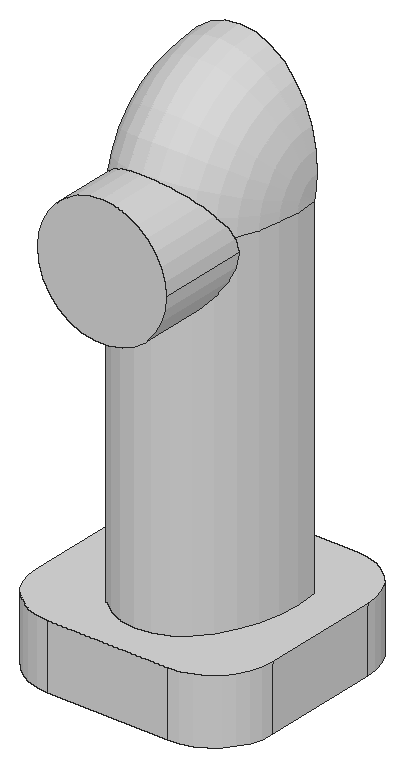
Revit family "Tub_Spout-Lixil-Grohe_Cubeo_101926", category Plumbing Fixtures, host Face, Revit 2023
Family settings
  Host = Face
  Round Connector Dimension = Use Diameter
  Part Type = Normal
  OmniClass Number = 23.45.05.14.17
  OmniClass Title = Showers
  Enable Cutting in Views = No
  Cut with Voids When Loaded = No
  Maintain Annotation Orientation = No
  Shared = No
  Room Calculation Point = No
Parameters (values of type "Chrome")
  Waste Connection = 1 = 0  # no
  Warranty URL = "Contact Manufacturer for More Information"
  WFU = 0
  Version = "2023 v.1.0a"  # constant formula
  Vent Connection = 1 = 0  # no
  URL = "https://www.grohe.com/en/corporate/homepage.html"
  Type Comments = ""
  Support Phone = "224-699-9545"  # constant formula
  Support Email = "mailto:support@bimsmith.com"
  Product Page URL = "https://lixilpro.com/products/Bathroom-Faucets/tub-fillers/Cubeo-Tub-Spout/Chrome-(G00)-1019260000/"
  Product Name = "Cubeo Tub Spout"  # constant formula
  Product Documentation Link = "https://lixil.cdn.celum.cloud/252845_101926_Cubeo_tub_spout_original.pdf"
  Model = "1019260000"
  Material = "Solid Brass Body Construction"  # constant formula
  Manufacturer Phone Number = "+1 (800) 444-7643"  # constant formula
  Manufacturer Email = "Contact Manufacturer for More Information"
  Manufacturer Address = "Contact Manufacturer for More Information"
  Manufacturer = "LIXIL"  # constant formula
  Keynote = "22 41 39"
  HWFU = 0
  HW Connection = 1 = 0  # no
  Flow Rate = 0 GPM
  Finish = Metal - Grohe - Chrome
  Description = "Bathroom Faucets"  # constant formula
  Default Elevation = 0' - 0"  # constant formula
  Copyright = "©LIXIL® | All Rights Reserved"  # constant formula
  Collection = "Cubeo"  # constant formula
  CWFU = 0
  CW Connection = 1 = 0  # no
  Brand = "Grohe"  # constant formula
  Assembly Code = "D2010700"
Types (4): name | Model | Finish
  Chrome | "1019260000" | Metal - Grohe - Chrome
  Matte Black | "1019262430" | Metal - Grohe - Matte Black
  Brushed Nickel | "101926EN00" | Metal - Grohe - Brushed Nickel
  Brushed Cool Sunrise | "101926GN00" | Metal - Grohe - Brushed Cool Sunrise
Reference planes (in)
  plane 1 "Center (Front/Back)": y = 3.48817
  plane 2: z = 0
  plane 3 "Center (Left/Right)": x = 0
Forms (in)
  Sweep 1, solid, material "Metal - Grohe - Chrome" <- "Finish"
    path origin (0, 3.48817, 0) x (0, 1, 0) y (0, 0, 1)
      loop
        line (-0.92694, 0.70866) -> (-0.92694, 4.54949)
        arc (-0.92694, 4.54949) -> (-0.50353, 5.57168) -> (0.51865, 5.99508) r 1.44559
    profile origin (0, 2.56123, 2.62908) x (0, -1, 0) y (1, 0, 0)
      loop
        line (-1.4224, 0.81781) -> (-1.4224, -0.81781)
        spline (-1.4224, -0.81781) -> (-1.07614, -0.8356) -> (-0.73793, -0.77944) -> (-0.43768, -0.65431) -> (-0.20196, -0.47128) -> (-0.05163, -0.24655) -> (0, 0) -> (-0.05163, 0.24655) -> (-0.20196, 0.47128) -> (-0.43768, 0.65431) -> (-0.73793, 0.77944) -> (-1.07614, 0.8356) -> (-1.4224, 0.81781)
  Extrusion 2, solid, material "Metal - Grohe - Chrome" <- "Finish"
    sketch origin (0, 3.48817, 0) x (1, 0, 0) y (0, 0, 1)
      loop
        circle (0, 4.39074) r 0.70804
    from 0 to 1.36682
  Extrusion 3, solid, material "Metal - Grohe - Chrome" <- "Finish"
    sketch origin (0, 3.48817, 0) x (1, 0, 0) y (0, 1, 0)
      loop
        arc (-1.29378, -0.65056) -> (-1.10645, -1.10281) -> (-0.65421, -1.29014) r 0.63957
        line (-0.65421, -1.29014) -> (0.65421, -1.29014)
        arc (0.65421, -1.29014) -> (1.10645, -1.10281) -> (1.29378, -0.65056) r 0.63957
        line (1.29378, -0.65056) -> (1.29378, 0.65056)
        arc (1.29378, 0.65056) -> (1.10645, 1.10281) -> (0.65421, 1.29014) r 0.63957
        line (0.65421, 1.29014) -> (-0.65421, 1.29014)
        arc (-0.65421, 1.29014) -> (-1.10645, 1.10281) -> (-1.29378, 0.65056) r 0.63957
        line (-1.29378, 0.65056) -> (-1.29378, -0.65056)
    from 0 to 0.70866
Dimensions and locks (in)
  aligned and locked: plane 2 to host face
  aligned and locked: level to host face
